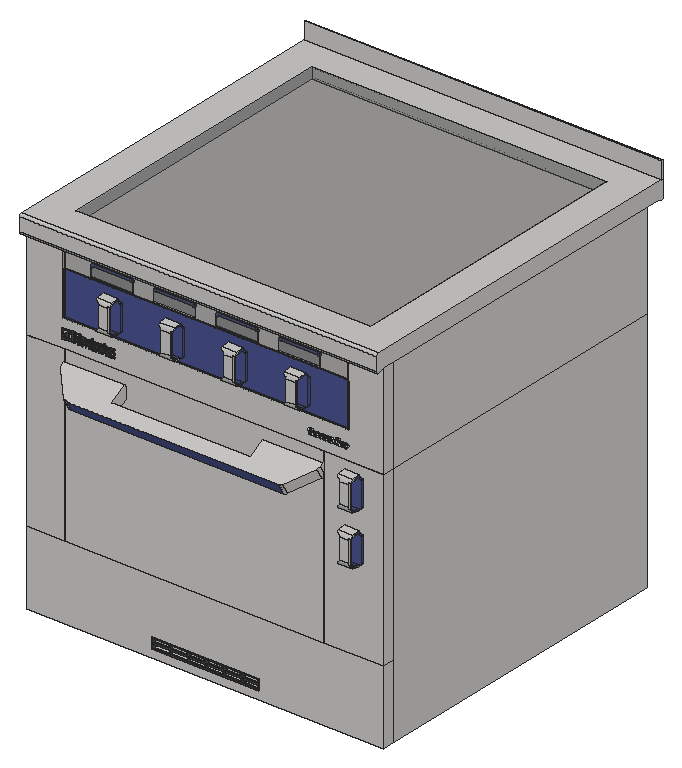
Revit family "QF_ELECTROLUXPROFESSIONAL_588431_MAIMFBH8AO", category Attrezzature speciali, Revit 2020
Family settings
  Quota connettore circolare = Usa diametro
  Tipo di parte = Normale
  Basato su piano di lavoro = No
  Sempre verticale = Sì
  Taglio con vuoti quando caricato = No
  Condiviso = No
  Punto di calcolo locali = No
Parameters (values of type "Standard")
  Weight = 121.00 kg
  Watts = 25000 W
  Volts = 400 V
  URL Manufacturer = "https://www.electroluxprofessional.com/"
  URL = "https://www.electroluxprofessional.com/"
  Steam Supply Size = 0"
  Steam Supply Minimum Pressure = 0.00 psi
  Steam Supply Maximum Pressure = 0.00 psi
  Steam Consumption per Hour = 0
  Refrigeration Suction Line Size = 0 mm
  Refrigeration Liquid Line Size = 0 mm
  Refrigerant Compressor Remote = yes
  Prospetto di default = 0 mm
  Phase = 3
  Modello = "MAIMFBH8AO"
  Produttore = "Electrolux Professional"
  Length Actual = 800 mm  # constant formula
  Item Number = "588431"
  Hot Water Size = 0"
  Height Actual = 800 mm  # constant formula
  HP = "33.5 HP"
  Gas Size = 0"
  Gas KW = 0
  Gas Input Pressure = 0.0 Btu/h
  Direct Waste Size = 0"
  Descrizione = "INDUCTION,4Z,ST.OVEN,1S,BS,800X800X800H"
  Depth Actual = 800 mm  # constant formula
  Cycle = 50 Hz
  Condensate Return Size = 0"
  Compressed Air Volume = 0 GPM
  Compressed Air Size = 0"
  Compressed Air Pressure = 0.00 psi
  Cold Water Size = 0"
  Accessory = yes
Reference planes
  plane 1 "BACK": y = 0
  plane 2: z = 0
  plane 3 "LEFT": x = 0
  plane 4 "RIGHT": x = 800
  plane 5 "FRONT": y = -800
  plane 6 "TOP": z = 900
  plane 7 "Center (Left/Right)": x = 400
  plane 8: y = -400
  plane 9: z = 100
  plane 10: y = -150
  plane 11 "Panel": y = -755
  plane 12: z = 798
  plane 13: z = 1327
  plane 14: x = 78
  plane 15: x = 722
  plane 16: y = -150
  plane 17: y = -650
  plane 18 "EIx": x = 755
  plane 19 "EIy": y = -585
  plane 20: z = 938
Forms (mm)
  Extrusion 1, solid, material "QF_Finishes_Stainless Steel"
    sketch origin (-178.969, -4572, 100) x (-1, 0, 0) y (0, -1, 0)
      loop
        line (-178.969, -4527) -> (-178.969, -3817) -> (-978.969, -3817) -> (-978.969, -4527) -> (-178.969, -4527)
    from 550 to 763
  Extrusion 2, solid, material "QF_Finishes_Stainless Steel"
    sketch origin (0, 0, 0) x (0, 1, 0) y (0, 0, 1)
      loop
        line (-755, 100) -> (-755, 265) -> (-780, 265) -> (-780, 100) -> (-755, 100)
    from 0 to 800
  Extrusion 3, solid, material "QF_Finishes_Stainless Steel"
    sketch origin (-588.969, -4562, 100) x (-1, 0, 0) y (0, -1, 0)
      loop
        circle (-1343.969, -3977) r 6.35
    from 0 to -11.851
  Extrusion 4, solid, material "QF_Finishes_Stainless Steel"
    sketch origin (400, 296.4, 1219.2) x (0, 1, 0) y (0, 0, 1)
      loop
        line (-296.4, -319.2) -> (-1091.4, -319.2)
        arc (-1091.4, -319.2) -> (-1094.935, -320.664) -> (-1096.4, -324.2) r 5
        line (-1096.4, -324.2) -> (-1096.4, -355.2)
        arc (-1096.4, -355.2) -> (-1094.971, -358.264) -> (-1091.705, -359.139) r 4
        line (-1091.705, -359.139) -> (-1076.4, -356.231) -> (-316.4, -356.231) -> (-301.094, -359.139)
        arc (-301.094, -359.139) -> (-297.829, -358.264) -> (-296.4, -355.2) r 4
        line (-296.4, -355.2) -> (-296.4, -319.2)
    from -400 to 400
  Extrusion 5, solid, material "QF_Finishes_Electrolux_Black Smoke Iluminated"
    sketch origin (0, 0, 900) x (-1, 0, 0) y (0, -1, 0)
      loop
        line (-70, 70) -> (-70, 730) -> (-730, 730) -> (-730, 70) -> (-70, 70)
    from 0 to -20
  Extrusion 6, solid, material "QF_Finishes_Stainless Steel"
    sketch origin (-178.969, -4572, 100) x (-1, 0, 0) y (0, -1, 0)
      loop
        line (-178.969, -4527) -> (-178.969, -3817) -> (-978.969, -3817) -> (-978.969, -4527) -> (-178.969, -4527)
    from 550 to 0
  Extrusion 7, void
    sketch origin (0, -755, 0) x (-1, 0, 0) y (0, 0, 1)
      loop
        line (-520, 116.594) -> (-280, 116.594) -> (-280, 141.594) -> (-520, 141.594) -> (-520, 116.594)
    from 0 to -25
  Extrusion 8, solid, material "QF_Finishes_Black"
    sketch origin (0, -755, 0) x (-1, 0, 0) y (0, 0, 1)
      loop
        line (-280, 141.594) -> (-520, 141.594) -> (-520, 116.594) -> (-280, 116.594) -> (-280, 141.594)
      loop
        line (-282, 139.594) -> (-319.131, 139.594) -> (-319.131, 130.094) -> (-282, 130.094) -> (-282, 139.594)
      loop
        line (-282, 118.594) -> (-282, 128.094) -> (-319.131, 128.094) -> (-319.131, 118.594) -> (-282, 118.594)
      loop
        line (-321.131, 139.594) -> (-359.066, 139.594) -> (-359.066, 130.094) -> (-321.131, 130.094) -> (-321.131, 139.594)
      loop
        line (-399, 139.594) -> (-399, 130.094) -> (-361.066, 130.094) -> (-361.066, 139.594) -> (-399, 139.594)
      loop
        line (-401, 139.594) -> (-438.934, 139.594) -> (-438.934, 130.094) -> (-401, 130.094) -> (-401, 139.594)
      loop
        line (-359.066, 118.594) -> (-321.131, 118.594) -> (-321.131, 128.094) -> (-359.066, 128.094) -> (-359.066, 118.594)
      loop
        line (-361.066, 118.594) -> (-361.066, 128.094) -> (-399, 128.094) -> (-399, 118.594) -> (-361.066, 118.594)
      loop
        line (-401, 128.094) -> (-438.934, 128.094) -> (-438.934, 118.594) -> (-401, 118.594) -> (-401, 128.094)
      loop
        line (-518, 139.594) -> (-518, 130.094) -> (-480.869, 130.094) -> (-480.869, 139.594) -> (-518, 139.594)
      loop
        line (-518, 118.594) -> (-480.869, 118.594) -> (-480.869, 128.094) -> (-518, 128.094) -> (-518, 118.594)
      loop
        line (-478.869, 139.594) -> (-478.869, 130.094) -> (-440.934, 130.094) -> (-440.934, 139.594) -> (-478.869, 139.594)
      loop
        line (-440.934, 118.594) -> (-440.934, 128.094) -> (-478.869, 128.094) -> (-478.869, 118.594) -> (-440.934, 118.594)
    from -25.03 to -20
  Extrusion 9, void
    sketch origin (0, 0, 900) x (-1, 0, 0) y (0, -1, 0)
      loop
        line (-70, 730) -> (-730, 730) -> (-730, 70) -> (-70, 70) -> (-70, 730)
    from 0 to -25
  Extrusion 10, solid, material "QF_Finishes_Stainless Steel"
    sketch origin (400, 296.4, 1219.2) x (0, 1, 0) y (0, 0, 1)
      loop
        line (-296.4, -281.2) -> (-298.4, -281.2) -> (-298.4, -319.2) -> (-296.4, -319.2) -> (-296.4, -281.2)
    from -400 to 400
Cuts and joins
  Extrusion 7 cuts Extrusion 6
  Extrusion 7 cuts Extrusion 2
  Extrusion 9 cuts Extrusion 4
Lines and regions (mm)
  symbolic lines
    curve 1: line (0, 0, 100) -> (800, 0, 100)
    curve 2: line (0, -800, 100) -> (0, 0, 100)
    curve 3: line (800, -800, 100) -> (0, -800, 100)
    curve 4: line (800, 0, 100) -> (800, -800, 100)
    curve 43: line (70, -70, 900) -> (70, -730, 900)
    curve 44: line (730, -70, 900) -> (70, -70, 900)
    curve 45: line (730, -730, 900) -> (730, -70, 900)
    curve 46: line (70, -730, 900) -> (730, -730, 900)
    curve 47: line (0, -2, 900) -> (800, -2, 900)
  model lines
    curve 5: line (695.34, -85, 900) -> (104.7, -85, 900)
    curve 6: line (104.7, -85, 900) -> (83.818, -105.882, 900)
    curve 7: line (695.34, -85, 900) -> (716.222, -105.882, 900)
    curve 8: line (695.34, -715.016, 900) -> (104.7, -715.016, 900)
    curve 9: line (104.7, -715.016, 900) -> (83.818, -694.133, 900)
    curve 10: line (695.34, -715.016, 900) -> (716.222, -694.133, 900)
    curve 11: line (111.855, -137.021, 900) -> (111.855, -368.354, 900)
    curve 12: line (111.855, -368.354, 900) -> (129.256, -385.756, 900)
    curve 13: line (111.855, -137.021, 900) -> (129.256, -119.619, 900)
    curve 14: line (195.528, -252.687, 900) -> (293.968, -252.687, 900)
    curve 15: line (377.642, -137.021, 900) -> (377.642, -368.354, 900)
    curve 16: line (377.642, -368.354, 900) -> (360.24, -385.756, 900)
    curve 17: line (377.642, -137.021, 900) -> (360.24, -119.619, 900)
    curve 18: line (244.748, -301.907, 900) -> (244.748, -203.467, 900)
    curve 19: line (688.186, -137.021, 900) -> (688.186, -368.354, 900)
    curve 20: line (688.186, -368.354, 900) -> (670.784, -385.756, 900)
    curve 21: line (688.186, -137.021, 900) -> (670.784, -119.619, 900)
    curve 22: line (604.512, -252.687, 900) -> (506.072, -252.687, 900)
    curve 23: line (422.398, -137.021, 900) -> (422.398, -368.354, 900)
    curve 24: line (422.398, -368.354, 900) -> (439.8, -385.756, 900)
    curve 25: line (422.398, -137.021, 900) -> (439.8, -119.619, 900)
    curve 26: line (555.292, -301.907, 900) -> (555.292, -203.467, 900)
    curve 27: line (111.855, -662.995, 900) -> (111.855, -431.661, 900)
    curve 28: line (111.855, -431.661, 900) -> (129.256, -414.259, 900)
    curve 29: line (111.855, -662.995, 900) -> (129.256, -680.397, 900)
    curve 30: line (195.528, -547.328, 900) -> (293.968, -547.328, 900)
    curve 31: line (377.642, -662.995, 900) -> (377.642, -431.661, 900)
    curve 32: line (377.642, -431.661, 900) -> (360.24, -414.259, 900)
    curve 33: line (377.642, -662.995, 900) -> (360.24, -680.397, 900)
    curve 34: line (244.748, -498.108, 900) -> (244.748, -596.548, 900)
    curve 35: line (688.186, -662.995, 900) -> (688.186, -431.661, 900)
    curve 36: line (688.186, -431.661, 900) -> (670.784, -414.259, 900)
    curve 37: line (688.186, -662.995, 900) -> (670.784, -680.397, 900)
    curve 38: line (604.512, -547.328, 900) -> (506.072, -547.328, 900)
    curve 39: line (422.398, -662.995, 900) -> (422.398, -431.661, 900)
    curve 40: line (422.398, -431.661, 900) -> (439.8, -414.259, 900)
    curve 41: line (422.398, -662.995, 900) -> (439.8, -680.397, 900)
    curve 42: line (555.292, -498.108, 900) -> (555.292, -596.548, 900)
Dimensions and locks
  plane 3 "LEFT" to plane 4 "RIGHT" = 800 mm
  plane 5 "FRONT" to plane 1 "BACK" = 800 mm
  equal spacing: plane 3 "LEFT", plane 7 "Center (Left/Right)", plane 4 "RIGHT"
  equal spacing: plane 5 "FRONT", plane 8, plane 1 "BACK"
  plane 6 "TOP" to level = 900 mm  (x2)
  plane 9 to level = 100 mm
  plane 1 "BACK" to plane 10 to plane 11 "Panel" = 150 mm, 605 mm  (x2)
  plane 6 "TOP" to plane 9 to level = 800 mm, 100 mm
  plane 1 "BACK" to plane 5 "FRONT" = 800 mm
  plane 1 "BACK" to Extrusion 3 = 585 mm
  plane 12 to plane 9 = 698 mm
  plane 13 to plane 6 "TOP" = 427 mm
  plane 6 "TOP" to plane 12 = 102 mm
  plane 14 to plane 3 "LEFT" = 78 mm
  plane 15 to plane 4 "RIGHT" = 78 mm
  locked: plane 1 "BACK" to plane 16 at 150
  locked: plane 16 to plane 17 at 500
  plane 11 "Panel" to plane 5 "FRONT" = 45 mm
  plane 18 "EIx" to plane 4 "RIGHT" = 45 mm
  plane 19 "EIy" to plane 1 "BACK" = 585 mm
  plane 20 to plane 6 "TOP" = 38 mm
  aligned and locked: level to plane 2
  aligned and locked: Extrusion 2 to plane 4 "RIGHT"
  aligned and locked: plane 3 "LEFT" to nested 1
  aligned and locked: nested 4 to plane 4 "RIGHT"
  aligned and locked: nested 4 to plane 11 "Panel"
  aligned and locked: nested 4 to cut or joined group of Extrusion 4, Extrusion 9
  aligned and locked: nested 1 to cut or joined group of Extrusion 6, Extrusion 7
  aligned and locked: Extrusion 10 to plane 3 "LEFT"
  aligned and locked: Extrusion 10 to plane 4 "RIGHT"
Automatic sketch dimensions
  Extrusion 2 sketch curve to plane 9 = 0 mm
  Extrusion 2 sketch curve to plane 11 "Panel" = 0 mm
  Extrusion 2 sketch curve to plane 5 "FRONT" = 20 mm
  plane 9 to Extrusion 2 sketch curve = 165 mm
  Extrusion 3 sketch curve to plane 18 "EIx" = 0 mm
  Extrusion 3 sketch curve to plane 19 "EIy" = 0 mm
  Extrusion 4 sketch curve to plane 5 "FRONT" = 0 mm
  Extrusion 4 sketch curve to plane 6 "TOP" = 0 mm
  Extrusion 4 sketch curve to plane 1 "BACK" = 0 mm
  Extrusion 4 sketch curve to plane 5 "FRONT" = 4 mm
  Extrusion 4 sketch curve to Extrusion 4 sketch curve = 0.695 mm
  Extrusion 4 sketch curve to plane 5 "FRONT" = 5 mm
  Extrusion 4 sketch curve to Extrusion 4 sketch curve = 15.305 mm
  plane 1 "BACK" to Extrusion 4 sketch curve = 20 mm
  plane 1 "BACK" to Extrusion 4 sketch curve = 4.695 mm
  Extrusion 4 sketch curve to Extrusion 4 sketch curve = 4 mm
  Extrusion 4 sketch curve to Extrusion 4 sketch curve = 31 mm
  Extrusion 4 sketch curve to plane 6 "TOP" = 36 mm
  Extrusion 4 sketch curve to Extrusion 4 sketch curve = 2.909 mm
  plane 10 to Extrusion 5 sketch curve = 80 mm
  plane 9 to Extrusion 7 sketch curve = 41.594 mm
  plane 7 "Center (Left/Right)" to Extrusion 7 sketch curve = 120 mm
  Extrusion 7 sketch curve to plane 7 "Center (Left/Right)" = 120 mm
  plane 9 to Extrusion 7 sketch curve = 16.594 mm
  plane 9 to Extrusion 8 sketch curve = 41.594 mm
  plane 7 "Center (Left/Right)" to Extrusion 8 sketch curve = 120 mm
  Extrusion 8 sketch curve to Extrusion 8 sketch curve = 2 mm  (x15)
  Extrusion 8 sketch curve to Extrusion 8 sketch curve = 0 mm  (x16)
  Extrusion 8 sketch curve to Extrusion 8 sketch curve = 37.131 mm  (x2)
  Extrusion 8 sketch curve to Extrusion 8 sketch curve = 37.934 mm  (x3)
  plane 7 "Center (Left/Right)" to Extrusion 8 sketch curve = 1 mm  (x2)
  Extrusion 8 sketch curve to plane 7 "Center (Left/Right)" = 1 mm  (x2)
  plane 9 to Extrusion 8 sketch curve = 18.594 mm  (x4)
  Extrusion 8 sketch curve to Extrusion 8 sketch curve = 9.5 mm  (x6)
  plane 18 "EIx" to Extrusion 9 sketch curve = 25 mm
  plane 14 to Extrusion 9 sketch curve = 8 mm
  plane 10 to Extrusion 9 sketch curve = 80 mm
  plane 11 "Panel" to Extrusion 9 sketch curve = 25 mm
  Extrusion 1 sketch curve to plane 4 "RIGHT" = 0 mm
  Extrusion 1 sketch curve to plane 3 "LEFT" = 0 mm
  Extrusion 1 sketch curve to plane 11 "Panel" = 0 mm
  plane 1 "BACK" to Extrusion 1 sketch curve = 45 mm
  plane 1 "BACK" to curve 1 = 0 mm
  curve 1 to plane 4 "RIGHT" = 0 mm
  curve 2 to plane 3 "LEFT" = 0 mm
  plane 5 "FRONT" to curve 3 = 0 mm
  Extrusion 6 sketch curve to plane 4 "RIGHT" = 0 mm
  Extrusion 6 sketch curve to plane 3 "LEFT" = 0 mm
  Extrusion 6 sketch curve to plane 11 "Panel" = 0 mm
  plane 1 "BACK" to Extrusion 6 sketch curve = 45 mm
  Extrusion 5 sketch curve to plane 15 = 8 mm
  plane 14 to Extrusion 5 sketch curve = 8 mm
  plane 17 to Extrusion 5 sketch curve = 80 mm
  plane 15 to curve 8 = 26.66 mm
  plane 15 to curve 7 = 26.66 mm
  plane 17 to curve 37 = 12.995 mm
  plane 15 to curve 37 = 33.814 mm
  plane 15 to curve 19 = 33.814 mm
  plane 7 "Center (Left/Right)" to curve 23 = 22.398 mm
  plane 7 "Center (Left/Right)" to curve 39 = 22.398 mm
  curve 15 to plane 7 "Center (Left/Right)" = 22.358 mm
  curve 33 to plane 7 "Center (Left/Right)" = 22.358 mm
  curve 27 to plane 14 = 33.855 mm
  curve 11 to plane 14 = 33.855 mm
  curve 8 to plane 14 = 26.7 mm
  curve 5 to plane 14 = 26.7 mm
  plane 17 to curve 33 = 12.995 mm
  plane 17 to curve 29 = 12.995 mm
  curve 36 to plane 8 = 31.661 mm
  curve 32 to plane 8 = 31.661 mm
  curve 39 to plane 8 = 31.661 mm
  curve 28 to plane 8 = 31.661 mm
  plane 8 to curve 11 = 31.646 mm
  plane 8 to curve 15 = 31.646 mm
  plane 8 to curve 24 = 31.646 mm
  plane 8 to curve 20 = 31.646 mm
  plane 10 to curve 15 = 12.979 mm
  plane 10 to curve 13 = 12.979 mm
  plane 10 to curve 23 = 12.979 mm
  plane 10 to curve 19 = 12.979 mm
  curve 5 to curve 19 = 52.021 mm
  plane 17 to curve 39 = 12.995 mm
  plane 11 "Panel" to curve 10 = 39.984 mm
  plane 15 to curve 10 = 5.778 mm
  plane 15 to curve 7 = 5.778 mm
  plane 8 to curve 20 = 14.244 mm
  curve 19 to curve 20 = 17.402 mm
  curve 35 to curve 37 = 17.402 mm  (x2)
  curve 19 to curve 21 = 17.402 mm
  curve 36 to plane 8 = 14.259 mm
  curve 36 to curve 36 = 17.402 mm
  plane 19 "EIy" to curve 38 = 37.672 mm
  plane 15 to curve 38 = 117.488 mm
  plane 15 to curve 22 = 117.488 mm
  curve 22 to curve 26 = 49.22 mm  (x2)
  curve 38 to curve 42 = 49.22 mm
  curve 42 to curve 38 = 49.22 mm  (x2)
  curve 26 to curve 22 = 49.22 mm
  curve 41 to curve 39 = 17.402 mm
  curve 40 to plane 8 = 14.259 mm
  curve 40 to curve 39 = 17.402 mm
  plane 8 to curve 24 = 14.244 mm
  curve 24 to curve 23 = 17.402 mm
  curve 25 to curve 23 = 17.402 mm  (x2)
  curve 31 to curve 33 = 17.402 mm  (x2)
  curve 17 to curve 17 = 17.402 mm  (x2)
  plane 8 to curve 16 = 14.244 mm
  curve 15 to curve 16 = 17.402 mm
  curve 32 to plane 8 = 14.259 mm
  curve 31 to curve 32 = 17.402 mm
  curve 14 to plane 7 "Center (Left/Right)" = 106.032 mm
  plane 19 "EIy" to curve 30 = 37.672 mm
  curve 30 to plane 7 "Center (Left/Right)" = 106.032 mm
  curve 34 to plane 19 "EIy" = 11.548 mm
  curve 30 to curve 34 = 49.22 mm
  curve 14 to curve 18 = 49.22 mm  (x2)
  curve 34 to curve 30 = 49.22 mm  (x2)
  curve 18 to curve 14 = 49.22 mm
  plane 8 to curve 12 = 14.244 mm
  curve 12 to curve 12 = 17.402 mm
  curve 28 to plane 8 = 14.259 mm
  curve 28 to curve 27 = 17.402 mm
  curve 29 to curve 27 = 17.402 mm
  curve 13 to curve 13 = 17.402 mm  (x2)
  curve 9 to plane 14 = 5.818 mm
  curve 6 to plane 14 = 5.818 mm
  curve 42 to plane 19 "EIy" = 11.548 mm
  plane 8 to curve 26 = 98.093 mm
  plane 8 to curve 18 = 98.093 mm
  curve 18 to plane 10 = 53.467 mm
  curve 26 to plane 10 = 53.467 mm
  curve 21 to curve 19 = 17.402 mm
  curve 6 to curve 6 = 20.882 mm
  curve 5 to curve 7 = 20.882 mm
  curve 39 to curve 41 = 17.402 mm
  curve 27 to curve 29 = 17.402 mm
  curve 10 to curve 8 = 20.882 mm
  curve 9 to curve 9 = 20.882 mm
  plane 14 to curve 44 = 8 mm
  plane 1 "BACK" to curve 44 = 70 mm
  curve 44 to plane 15 = 8 mm
  plane 11 "Panel" to curve 43 = 25 mm
  Extrusion 10 sketch curve to plane 20 = 0 mm
  Extrusion 10 sketch curve to plane 6 "TOP" = 0 mm
  Extrusion 10 sketch curve to plane 1 "BACK" = 0 mm
  Extrusion 10 sketch curve to Extrusion 10 sketch curve = 2 mm
  radius of Extrusion 3 sketch curve = 6.35 mm
Nested families
  nested 1: "Door_Panel_W800_A" at (300, -755, 0), type "Door_Panel_W800_A"
  nested 2: "FIT Range Control Handle" at (730, -783.167, -372.751), type "FIT Range Control Handle"
  nested 3: "FIT Range Control Handle" at (730, -783.167, -484.751), type "FIT Range Control Handle"
  nested 4: "Front_Panel_W800_4 Knobs" at (202.376, -755, -0.031), type "Front_Panel_W800_4 Knobs"
Connectors
  electrical at (755, -585, 88.149)
    settings: on Extrusion 3, index 1, voltage 400 V, apparent load 33000 VA, apparent load phase1 0 VA, apparent load phase2 0 VA, apparent load phase3 0 VA, power factor 1, load classification "Other", number of poles 1, system type 30, power factor state 1, is connector primary yes, connector utility no, sub classification motor no, connector description "ELECTRICAL CONNECTION"
Definition of nested family "Door_Panel_W800_A"
  Parameters
    Default Elevation = 0 mm
  Reference planes
    plane 1 "Center (Front/Back)": y = 0
    plane 2 "Ref. Level": z = 0
    plane 3: x = 500
    plane 4: x = -300
    plane 5 "Center (Left/Right)": x = 100
    plane 6: x = -215
    plane 7: x = 365
    plane 8 "Manopola": through (-6096, -50.059, 612.389) normal (0, -0.515, 0.8572)
    plane 9 "Top": z = 650
    plane 10: z = 265
    plane 11: z = 200
  Forms (mm)
    Extrusion 1, solid
      sketch origin (100, 0, 0) x (0, 1, 0) y (0, 0, 1)
        loop
          line (-25.03, 650) -> (-25.03, 265) -> (0, 265) -> (0, 650) -> (-25.03, 650)
      from 265 to 400
    Extrusion 2, solid
      sketch origin (100, 0, 0) x (0, 1, 0) y (0, 0, 1)
        loop
          line (-25.03, 650) -> (-25.03, 265) -> (0, 265) -> (0, 650) -> (-25.03, 650)
      from -400 to -315
    Extrusion 3, solid
      sketch origin (100, 0, 0) x (0, 1, 0) y (0, 0, 1)
        loop
          line (-25.03, 650) -> (-25.03, 265) -> (0, 265) -> (0, 650) -> (-25.03, 650)
      from -315 to 265
    Extrusion 4, solid
      sketch origin (0, -283.633, 472.044) x (0, 0.857167, 0.515038) y (-1, 0, 0)
        loop
          line (299.12, -365) -> (299.12, 215) -> (290.982, 215)
          arc (290.982, 215) -> (286.677, 214.026) -> (283.211, 211.293) r 10
          line (283.211, 211.293) -> (233.28, 170.86)
          arc (233.28, 170.86) -> (230.548, 167.394) -> (229.574, 163.089) r 10
          line (229.574, 163.089) -> (229.574, -313.089)
          arc (229.574, -313.089) -> (230.548, -317.394) -> (233.28, -320.86) r 10
          line (233.28, -320.86) -> (283.211, -361.293)
          arc (283.211, -361.293) -> (286.677, -364.026) -> (290.982, -365) r 10
          line (290.982, -365) -> (299.12, -365)
      from -27 to 0
    Extrusion 5, void
      sketch origin (100, 0, 0) x (0, 1, 0) y (0, 0, 1)
        loop
          line (-61.514, 605.507) -> (-47.608, 582.363) -> (-25.03, 595.93) -> (-25.03, 627.429) -> (-61.514, 605.507)
      from -180 to 130
    Extrusion 6, solid, detail levels coarse
      sketch origin (100, 0, 0) x (0, 1, 0) y (0, 0, 1)
        loop
          line (-25.03, 265) -> (-25.03, 650)
          arc (-25.03, 650) -> (-297.266, 537.236) -> (-410.03, 265) r 385
          line (-410.03, 265) -> (-25.03, 265)
      from -315 to 265
  Cuts and joins
    Extrusion 5 cuts Extrusion 4
    joined: Extrusion 3, Extrusion 4
  Lines and regions (mm)
    symbolic lines
      curve 1: line (-207.355, -45.043, 0) -> (-170.86, -83.673, 0)
      curve 2: line (-163.089, -86.85, 0) -> (313.089, -86.85, 0)
      curve 3: line (320.86, -83.673, 0) -> (357.355, -45.043, 0)
      curve 4: arc (-163.089, -86.85, 0) -> (-167.318, -86.101, 0) -> (-170.86, -83.673, 0) r 10.165
      curve 5: arc (313.089, -86.85, 0) -> (317.318, -86.101, 0) -> (320.86, -83.673, 0) r 10.165
      curve 6: line (-215, -45.043, 0) -> (-215, -410.03, 0)
      curve 7: line (-215, -410.03, 0) -> (365, -410.03, 0)
      curve 8: line (365, -410.03, 0) -> (365, -45.03, 0)
  Dimensions and locks
    plane 3 to plane 4 = 800 mm
    plane 4 to plane 3 = 800 mm
    equal spacing: plane 3, plane 5 "Center (Left/Right)", plane 4
    plane 6 to plane 4 = 85 mm
    plane 3 to plane 7 = 135 mm
    plane 11 to level = 200 mm
    plane 10 to plane 11 = 65 mm
    plane 10 to plane 9 "Top" = 385 mm
    plane 9 "Top" to plane 11 = 450 mm
    aligned and locked: plane 3 to Extrusion 1
    aligned and locked: cut or joined group of Extrusion 3, Extrusion 4, Extrusion 5 to plane 6
    aligned and locked: cut or joined group of Extrusion 3, Extrusion 4, Extrusion 5 to plane 7
    aligned and locked: plane 7 to Extrusion 1
    aligned and locked: plane 6 to Extrusion 2
    aligned and locked: Extrusion 2 to plane 4
    aligned and locked: plane 10 to Extrusion 2
    aligned and locked: plane 10 to cut or joined group of Extrusion 3, Extrusion 4, Extrusion 5
    aligned and locked: plane 10 to Extrusion 1
    aligned and locked: Extrusion 6 to plane 6
    aligned and locked: Extrusion 6 to plane 7
  Automatic sketch dimensions
    Extrusion 5 sketch curve to plane 8 "Manopola" = 0 mm  (x2)
    plane 1 "Center (Front/Back)" to Extrusion 5 sketch curve = 61.514 mm
    Extrusion 5 sketch curve to Extrusion 5 sketch curve = 13.906 mm
    plane 1 "Center (Front/Back)" to Extrusion 5 sketch curve = 25.03 mm
    Extrusion 4 sketch curve to plane 7 = 0 mm
    Extrusion 4 sketch curve to plane 6 = 0 mm
    plane 6 to Extrusion 4 sketch curve = 51.911 mm
    plane 7 to Extrusion 4 sketch curve = 44.14 mm
    Extrusion 4 sketch curve to Extrusion 4 sketch curve = 3.707 mm  (x2)
    plane 6 to Extrusion 4 sketch curve = 44.14 mm
    plane 7 to Extrusion 4 sketch curve = 3.707 mm
    Extrusion 4 sketch curve to Extrusion 4 sketch curve = 49.93 mm  (x2)
    plane 6 to Extrusion 4 sketch curve = 3.707 mm
    Extrusion 4 sketch curve to Extrusion 4 sketch curve = 7.771 mm  (x3)
    Extrusion 4 sketch curve to Extrusion 4 sketch curve = 8.138 mm
    Extrusion 2 sketch curve to plane 1 "Center (Front/Back)" = 0 mm
    Extrusion 3 sketch curve to plane 1 "Center (Front/Back)" = 0 mm
    Extrusion 1 sketch curve to plane 1 "Center (Front/Back)" = 0 mm
    Extrusion 2 sketch curve to plane 9 "Top" = 0 mm
    Extrusion 2 sketch curve to Extrusion 2 sketch curve = 25.03 mm
    Extrusion 3 sketch curve to plane 9 "Top" = 0 mm
    Extrusion 3 sketch curve to Extrusion 3 sketch curve = 25.03 mm
    Extrusion 1 sketch curve to plane 9 "Top" = 0 mm
    plane 1 "Center (Front/Back)" to Extrusion 1 sketch curve = 25.03 mm
    level to Extrusion 1 sketch curve = 265 mm
    level to Extrusion 2 sketch curve = 265 mm
    level to Extrusion 3 sketch curve = 265 mm
    plane 10 to Extrusion 6 sketch curve = 0 mm
    Extrusion 6 sketch curve to plane 9 "Top" = 0 mm
    plane 1 "Center (Front/Back)" to Extrusion 6 sketch curve = 25.03 mm
    curve 7 to plane 7 = 0 mm
    plane 6 to curve 1 = 44.14 mm
    curve 4 to curve 4 = 7.389 mm
    curve 4 to curve 2 = 7.771 mm
    plane 7 to curve 2 = 51.911 mm
    curve 2 to curve 5 = 0.382 mm
    curve 2 to curve 3 = 7.771 mm
    plane 1 "Center (Front/Back)" to curve 6 = 410.03 mm
    plane 1 "Center (Front/Back)" to curve 2 = 86.85 mm
    curve 2 to curve 3 = 3.177 mm
    curve 2 to curve 1 = 3.177 mm
    plane 7 to curve 3 = 7.645 mm
    plane 1 "Center (Front/Back)" to curve 3 = 45.043 mm
    curve 3 to curve 8 = 0.013 mm
    curve 7 to plane 6 = 0 mm
    curve 6 to curve 1 = 7.645 mm
    plane 1 "Center (Front/Back)" to curve 1 = 45.043 mm
    curve 6 to curve 1 = 0 mm
Definition of nested family "FIT Range Control Handle"
  Parameters
    Default Elevation = 0 mm
  Reference planes
    plane 1 "Center (Front/Back)": y = 0
    plane 2: z = 0
    plane 3 "Center (Left/Right)": x = 0
    plane 4: z = 971.092
    plane 5: y = -16.8
  Forms (mm)
    Extrusion 1, solid
      sketch origin (-746.28, 380.497, 208.931) x (-1, 0, 0) y (0, 0, 1)
        loop
          line (-770.101, 786.798) -> (-770.101, 731.649)
          arc (-770.101, 731.649) -> (-769.759, 730.563) -> (-768.855, 729.87) r 1.893
          line (-768.855, 729.87) -> (-763.474, 727.911) -> (-729.81, 727.911) -> (-724.428, 729.87)
          arc (-724.428, 729.87) -> (-723.525, 730.563) -> (-723.183, 731.649) r 1.893
          line (-723.183, 731.649) -> (-723.183, 786.798)
          arc (-723.183, 786.798) -> (-723.529, 787.894) -> (-724.44, 788.593) r 1.91
          line (-724.44, 788.593) -> (-729.683, 790.819) -> (-763.601, 790.819) -> (-768.844, 788.593)
          arc (-768.844, 788.593) -> (-769.755, 787.894) -> (-770.101, 786.798) r 1.91
      from -382.35 to -378.852
    Sweep 2, solid
      path origin (-746.788, 380.496, 208.091) x (0, -1, 0) y (0, 0, 1)
        loop
          line (379.775, 793.281) -> (395.661, 791.048)
          arc (395.661, 791.048) -> (397.781, 787.377) -> (398.517, 783.202) r 12.207
          line (398.517, 783.202) -> (398.517, 737.368)
          arc (398.517, 737.368) -> (397.781, 733.193) -> (395.661, 729.522) r 12.207
          line (395.661, 729.522) -> (379.775, 727.289)
      profile origin (-746.788, -7.222, 1000.256) x (0, -0.139173, 0.990268) y (-1, 0, 0)
        loop
          line (0.782, -763.123) -> (0.782, -730.907) -> (-1.322, -730.907) -> (-1.322, -763.123) -> (0.782, -763.123)
    Sweep 3, solid
      path origin (-746.788, 380.715, 207.832) x (0, -1, 0) y (0, 0, 1)
        loop
          line (380.478, 795.442) -> (397.218, 793.09)
          arc (397.218, 793.09) -> (399.929, 788.473) -> (400.871, 783.202) r 15.207
          line (400.871, 783.202) -> (400.871, 737.584)
          arc (400.871, 737.584) -> (399.914, 732.274) -> (397.164, 727.633) r 15.207
          line (397.164, 727.633) -> (380.601, 725.305)
      profile origin (-746.788, -8.132, 1002.099) x (0, -0.139173, 0.990268) y (-1, 0, 0)
        loop
          line (0.782, -763.123) -> (0.782, -730.907) -> (-1.322, -730.907) -> (-1.322, -763.123) -> (0.782, -763.123)
    Extrusion 4, void
      sketch origin (889.253, 220.666, 207.993) x (1, 0, 0) y (0, 0, 1)
        loop
          line (-943.038, 816.854) -> (-943.038, 703.686) -> (-899.466, 734.196) -> (-899.466, 786.344) -> (-943.038, 816.854)
      from 230.636 to 242.25
    Extrusion 5, void
      sketch origin (-888.8, 220.666, 207.993) x (-1, 0, 0) y (0, 0, -1)
        loop
          line (-943.038, -816.854) -> (-899.466, -786.344) -> (-899.466, -734.196) -> (-943.038, -703.686) -> (-943.038, -816.854)
      from 230.636 to 242.25
    Extrusion 6, solid
      sketch origin (0, 0, 0) x (1, 0, 0) y (0, 0, 1)
        loop
          circle (0, 971.092) r 7.736
      from -3.137 to -1.645
  Cuts and joins
    Extrusion 4, Extrusion 5 cuts Sweep 3
    Extrusion 4, Extrusion 5 cuts Sweep 2
    joined: Extrusion 1, Extrusion 6
  Lines and regions (mm)
    symbolic lines
      curve 1: line (-15.881, -19.189, 0) -> (-15.881, -16.8, 0)
      curve 2: line (16.334, -19.189, 0) -> (16.334, -16.8, 0)
      curve 3: spline (-15.881, -19.189, 0) -> (-15.417, -19.349, 0) -> (-14.951, -19.501, 0) -> (-14.483, -19.646, 0) -> (-14.014, -19.783, 0) -> (-13.543, -19.912, 0) -> (-13.071, -20.033, 0) -> (-12.597, -20.146, 0) -> (-12.122, -20.251, 0) -> (-11.646, -20.349, 0) -> (-11.169, -20.438, 0) -> (-10.691, -20.52, 0) -> (-10.213, -20.593, 0)
      curve 4: spline (10.666, -20.593, 0) -> (11.144, -20.52, 0) -> (11.622, -20.438, 0) -> (12.099, -20.349, 0) -> (12.575, -20.251, 0) -> (13.05, -20.146, 0) -> (13.524, -20.033, 0) -> (13.996, -19.912, 0) -> (14.467, -19.783, 0) -> (14.936, -19.646, 0) -> (15.404, -19.501, 0) -> (15.87, -19.349, 0) -> (16.334, -19.189, 0)
      curve 5: line (-10.213, -20.938, 0) -> (10.716, -20.938, 0)
  Dimensions and locks
    cut or joined group of Sweep 3, Extrusion 4, Extrusion 5 to cut or joined group of Sweep 3, Extrusion 4, Extrusion 5 = 71.686 mm
Definition of nested family "Front_Panel_W800_4 Knobs"
  Parameters
    Default Elevation = 0 mm
  Reference planes
    plane 1 "Center (Front/Back)": y = 0
    plane 2: z = 0
    plane 3 "Center (Left/Right)": x = 197.624
    plane 4 "Left": x = -202.376
    plane 5 "Right": x = 597.624
    plane 6: y = -45
    plane 7: x = -12.376
    plane 8: x = 127.624
    plane 9: y = -310
    plane 10: y = -25
    plane 11: x = 517.624
    plane 12: x = -122.376
  Forms (mm)
    Extrusion 1, solid
      sketch origin (833.217, 829.203, -1.25) x (0, 1, 0) y (0, 0, 1)
        loop
          line (-854.203, 651.25) -> (-829.203, 651.25) -> (-829.203, 864.25) -> (-854.203, 864.25) -> (-854.203, 651.25)
      from -1035.593 to -235.593
    Extrusion 2, void
      sketch origin (0, 0, 0) x (1, 0, 0) y (0, 0, 1)
        loop
          line (-122.376, 853.866) -> (-122.376, 711.866) -> (517.624, 711.866) -> (517.624, 853.866) -> (-122.376, 853.866)
      from 19.387 to 33.951
  Cuts and joins
    Extrusion 2 cuts Extrusion 1
  Dimensions and locks
    equal spacing: plane 5 "Right", plane 3 "Center (Left/Right)", plane 4 "Left"
    plane 5 "Right" to plane 4 "Left" = 800 mm
    plane 3 "Center (Left/Right)" to plane 7 = 210 mm
    plane 3 "Center (Left/Right)" to plane 8 = 70 mm
    plane 6 to plane 9 = 265 mm
    aligned and locked: cut or joined group of Extrusion 1, Extrusion 2 to plane 4 "Left"
    aligned and locked: plane 5 "Right" to cut or joined group of Extrusion 1, Extrusion 2
    aligned and locked: plane 3 "Center (Left/Right)" to nested 2
    aligned and locked: cut or joined group of Extrusion 1, Extrusion 2 to nested 2
  Automatic sketch dimensions
    Extrusion 1 sketch curve to plane 1 "Center (Front/Back)" = 0 mm
    level to Extrusion 1 sketch curve = 650 mm
    plane 4 "Left" to Extrusion 2 sketch curve = 80 mm
    Extrusion 2 sketch curve to plane 5 "Right" = 80 mm
    level to Extrusion 2 sketch curve = 711.866 mm
    Extrusion 2 sketch curve to Extrusion 2 sketch curve = 142 mm
    Extrusion 1 sketch curve to plane 6 = 20 mm
    Extrusion 1 sketch curve to Extrusion 1 sketch curve = 213 mm
  Nested families
    nested 1: "Range Control Handle" at (-12.376, -28.137, -209.113) x (-1, 0, 0) z (0, 0, 1), type "Range Control Handle"
    nested 2: "Front glass control panel W800" at (197.624, 280.644, 2.752), type "Front glass control panel W800"
    nested 3: "Range Control Handle" at (127.624, -28.137, -209.113) x (-1, 0, 0) z (0, 0, 1), type "Range Control Handle"
    nested 4: "Range Control Handle" at (407.624, -28.137, -209.113), type "Range Control Handle"
    nested 5: "Range Control Handle" at (267.624, -28.137, -209.113), type "Range Control Handle"
    nested 6: "ELX_ThermaLine_Small" at (468.838, -25, 679.426) x (1, 0, 0) z (0, -1, 0), type "ELX_ThermaLine_Small"
      with Show Logo yes, Material_Logo none
    nested 7: "ELX_Professional_Logo_Small" at (-62.89, -25, 681.659) x (1, 0, 0) z (0, -1, 0), type "ELX_Professional_Logo_Small"
      with Show Logo yes, Material_Logo none
  Definition of nested family "Range Control Handle"
    Parameters
      Default Elevation = 0 mm
    Reference planes
      plane 1 "Center (Front/Back)": y = 0
      plane 2: z = 0
      plane 3 "Center (Left/Right)": x = 0
      plane 4: z = 971.092
      plane 5: y = -16.9
    Forms (mm)
      Extrusion 1, solid
        sketch origin (-746.28, 380.497, 208.931) x (-1, 0, 0) y (0, 0, 1)
          loop
            line (-770.101, 786.798) -> (-770.101, 731.649)
            arc (-770.101, 731.649) -> (-769.759, 730.563) -> (-768.855, 729.87) r 1.893
            line (-768.855, 729.87) -> (-763.474, 727.911) -> (-729.81, 727.911) -> (-724.428, 729.87)
            arc (-724.428, 729.87) -> (-723.525, 730.563) -> (-723.183, 731.649) r 1.893
            line (-723.183, 731.649) -> (-723.183, 786.798)
            arc (-723.183, 786.798) -> (-723.529, 787.894) -> (-724.44, 788.593) r 1.91
            line (-724.44, 788.593) -> (-729.683, 790.819) -> (-763.601, 790.819) -> (-768.844, 788.593)
            arc (-768.844, 788.593) -> (-769.755, 787.894) -> (-770.101, 786.798) r 1.91
        from -382.35 to -378.852
      Sweep 2, solid
        path origin (-746.788, 380.496, 208.091) x (0, -1, 0) y (0, 0, 1)
          loop
            line (379.775, 793.281) -> (395.661, 791.048)
            arc (395.661, 791.048) -> (397.781, 787.377) -> (398.517, 783.202) r 12.207
            line (398.517, 783.202) -> (398.517, 737.368)
            arc (398.517, 737.368) -> (397.781, 733.193) -> (395.661, 729.522) r 12.207
            line (395.661, 729.522) -> (379.775, 727.289)
        profile origin (-746.788, -7.222, 1000.256) x (0, -0.139173, 0.990268) y (-1, 0, 0)
          loop
            line (0.782, -763.123) -> (0.782, -730.907) -> (-1.322, -730.907) -> (-1.322, -763.123) -> (0.782, -763.123)
      Sweep 3, solid
        path origin (-746.788, 380.715, 207.832) x (0, -1, 0) y (0, 0, 1)
          loop
            line (380.478, 795.442) -> (397.218, 793.09)
            arc (397.218, 793.09) -> (399.929, 788.473) -> (400.871, 783.202) r 15.207
            line (400.871, 783.202) -> (400.871, 737.584)
            arc (400.871, 737.584) -> (399.914, 732.274) -> (397.164, 727.633) r 15.207
            line (397.164, 727.633) -> (380.601, 725.305)
        profile origin (-746.788, -8.132, 1002.099) x (0, -0.139173, 0.990268) y (-1, 0, 0)
          loop
            line (0.782, -763.123) -> (0.782, -730.907) -> (-1.322, -730.907) -> (-1.322, -763.123) -> (0.782, -763.123)
      Extrusion 4, void
        sketch origin (889.253, 220.666, 207.993) x (1, 0, 0) y (0, 0, 1)
          loop
            line (-943.038, 816.854) -> (-943.038, 703.686) -> (-899.466, 734.196) -> (-899.466, 786.344) -> (-943.038, 816.854)
        from 230.636 to 242.25
      Extrusion 5, void
        sketch origin (-888.8, 220.666, 207.993) x (-1, 0, 0) y (0, 0, -1)
          loop
            line (-943.038, -816.854) -> (-899.466, -786.344) -> (-899.466, -734.196) -> (-943.038, -703.686) -> (-943.038, -816.854)
        from 230.636 to 242.25
      Extrusion 6, solid
        sketch origin (0, 0, 0) x (1, 0, 0) y (0, 0, 1)
          loop
            circle (0, 971.092) r 7.736
        from -3.137 to -1.645
    Cuts and joins
      Extrusion 4, Extrusion 5 cuts Sweep 3
      Extrusion 4, Extrusion 5 cuts Sweep 2
      joined: Extrusion 1, Extrusion 6
    Lines and regions (mm)
      symbolic lines
        curve 1: line (16.334, -16.9, 0) -> (16.334, -19.227, 0)
        curve 2: spline (16.334, -19.227, 0) -> (15.87, -19.385, 0) -> (15.404, -19.536, 0) -> (14.936, -19.678, 0) -> (14.466, -19.813, 0) -> (13.995, -19.94, 0) -> (13.523, -20.059, 0) -> (13.049, -20.171, 0) -> (12.575, -20.274, 0) -> (12.099, -20.37, 0) -> (11.622, -20.458, 0) -> (11.144, -20.537, 0) -> (10.666, -20.609, 0)
        curve 3: line (10.666, -16.9, 0) -> (10.666, -20.938, 0)
        curve 4: line (-10.213, -20.938, 0) -> (10.666, -20.938, 0)
        curve 5: line (-10.213, -20.938, 0) -> (-10.213, -16.9, 0)
        curve 6: spline (-10.213, -20.609, 0) -> (-10.691, -20.537, 0) -> (-11.169, -20.458, 0) -> (-11.646, -20.37, 0) -> (-12.122, -20.274, 0) -> (-12.597, -20.171, 0) -> (-13.07, -20.059, 0) -> (-13.542, -19.94, 0) -> (-14.013, -19.813, 0) -> (-14.483, -19.678, 0) -> (-14.951, -19.536, 0) -> (-15.417, -19.385, 0) -> (-15.881, -19.227, 0)
        curve 7: line (-15.881, -19.227, 0) -> (-15.881, -16.9, 0)
  Definition of nested family "Front glass control panel W800"
    Parameters
      Default Elevation = 0 mm
    Reference planes
      plane 1 "Center (Front/Back)": y = 0
      plane 2: z = 0
      plane 3 "Center (Left/Right)": x = 0
    Forms (mm)
      Extrusion 1, solid
        sketch origin (378.286, 0, 0.617) x (1, 0, 0) y (0, 0, 1)
          loop
            line (-698.286, 806.791) -> (-698.286, 708.497) -> (-58.286, 708.497) -> (-58.286, 806.791) -> (-698.286, 806.791)
        from 300.031 to 304.8
      Extrusion 2, solid
        sketch origin (378.286, 0, 0.617) x (1, 0, 0) y (0, 0, 1)
          loop
            line (-698.286, 850.497) -> (-698.286, 806.791) -> (-58.286, 806.791) -> (-58.286, 850.497) -> (-698.286, 850.497)
        from 300.031 to 304.8
      Extrusion 3, void
        sketch origin (378.286, 0, 0.617) x (1, 0, 0) y (0, 0, 1)
          loop
            line (-695.628, 847.565) -> (-695.628, 710.699) -> (-61.196, 710.699) -> (-61.196, 847.565) -> (-695.628, 847.565)
        from 303.697 to 304.8
      Extrusion 4, solid
        sketch origin (-378.333, 1.101, -0.633) x (-1, 0, 0) y (0, 0, -1)
          loop
            line (-261.431, -812.62) -> (-355.186, -812.62) -> (-355.186, -834.177) -> (-350.269, -834.177) -> (-348.469, -835.977) -> (-268.039, -835.977) -> (-266.24, -834.177) -> (-261.431, -834.177) -> (-261.431, -812.62)
        from 304.798 to 306.745
      Extrusion 5, solid
        sketch origin (-378.333, 1.101, -0.633) x (-1, 0, 0) y (0, 0, -1)
          loop
            line (-350.269, -834.177) -> (-355.078, -834.177)
            arc (-355.078, -834.177) -> (-353.942, -838.747) -> (-349.686, -840.763) r 5.5
            line (-349.686, -840.763) -> (-266.98, -840.763)
            arc (-266.98, -840.763) -> (-262.706, -838.752) -> (-261.529, -834.177) r 5.549
            line (-261.529, -834.177) -> (-266.24, -834.177) -> (-268.039, -835.977) -> (-348.469, -835.977) -> (-350.269, -834.177)
        from 304.798 to 306.745
      Extrusion 6, solid
        sketch origin (-518.333, 1.101, -0.633) x (-1, 0, 0) y (0, 0, -1)
          loop
            line (-261.431, -812.62) -> (-355.186, -812.62) -> (-355.186, -834.177) -> (-350.269, -834.177) -> (-348.469, -835.977) -> (-268.039, -835.977) -> (-266.24, -834.177) -> (-261.431, -834.177) -> (-261.431, -812.62)
        from 304.798 to 306.745
      Extrusion 7, solid
        sketch origin (-518.333, 1.101, -0.633) x (-1, 0, 0) y (0, 0, -1)
          loop
            line (-350.269, -834.177) -> (-355.078, -834.177)
            arc (-355.078, -834.177) -> (-353.942, -838.747) -> (-349.686, -840.763) r 5.5
            line (-349.686, -840.763) -> (-266.98, -840.763)
            arc (-266.98, -840.763) -> (-262.706, -838.752) -> (-261.529, -834.177) r 5.549
            line (-261.529, -834.177) -> (-266.24, -834.177) -> (-268.039, -835.977) -> (-348.469, -835.977) -> (-350.269, -834.177)
        from 304.798 to 306.745
      Extrusion 8, solid
        sketch origin (378.333, 1.101, -0.633) x (1, 0, 0) y (0, 0, 1)
          loop
            line (-261.431, 812.62) -> (-261.431, 834.177) -> (-266.24, 834.177) -> (-268.039, 835.977) -> (-348.469, 835.977) -> (-350.269, 834.177) -> (-355.186, 834.177) -> (-355.186, 812.62) -> (-261.431, 812.62)
        from 304.798 to 306.745
      Extrusion 9, solid
        sketch origin (378.333, 1.101, -0.633) x (1, 0, 0) y (0, 0, 1)
          loop
            line (-350.269, 834.177) -> (-348.469, 835.977) -> (-268.039, 835.977) -> (-266.24, 834.177) -> (-261.529, 834.177)
            arc (-261.529, 834.177) -> (-262.706, 838.752) -> (-266.98, 840.763) r 5.549
            line (-266.98, 840.763) -> (-349.686, 840.763)
            arc (-349.686, 840.763) -> (-353.942, 838.747) -> (-355.078, 834.177) r 5.5
            line (-355.078, 834.177) -> (-350.269, 834.177)
        from 304.798 to 306.745
      Extrusion 10, solid
        sketch origin (518.333, 1.101, -0.633) x (1, 0, 0) y (0, 0, 1)
          loop
            line (-261.431, 812.62) -> (-261.431, 834.177) -> (-266.24, 834.177) -> (-268.039, 835.977) -> (-348.469, 835.977) -> (-350.269, 834.177) -> (-355.186, 834.177) -> (-355.186, 812.62) -> (-261.431, 812.62)
        from 304.798 to 306.745
      Extrusion 11, solid
        sketch origin (518.333, 1.101, -0.633) x (1, 0, 0) y (0, 0, 1)
          loop
            line (-350.269, 834.177) -> (-348.469, 835.977) -> (-268.039, 835.977) -> (-266.24, 834.177) -> (-261.529, 834.177)
            arc (-261.529, 834.177) -> (-262.706, 838.752) -> (-266.98, 840.763) r 5.549
            line (-266.98, 840.763) -> (-349.686, 840.763)
            arc (-349.686, 840.763) -> (-353.942, 838.747) -> (-355.078, 834.177) r 5.5
            line (-355.078, 834.177) -> (-350.269, 834.177)
        from 304.798 to 306.745
    Cuts and joins
      Extrusion 3 cuts Extrusion 1
      Extrusion 3 cuts Extrusion 2
    Dimensions and locks
      aligned and locked: Extrusion 1 to Extrusion 2
      aligned and locked: Extrusion 5 sketch curve to Extrusion 4  (x5)
      aligned and locked: Extrusion 5 to Extrusion 4
      aligned and locked: Extrusion 7 sketch curve to Extrusion 6  (x5)
      aligned and locked: Extrusion 7 to Extrusion 6
      aligned and locked: Extrusion 9 sketch curve to Extrusion 8  (x4)
      aligned and locked: Extrusion 8 to Extrusion 9 sketch curve
      aligned and locked: Extrusion 9 to Extrusion 8
      aligned and locked: Extrusion 11 sketch curve to Extrusion 10  (x4)
      aligned and locked: Extrusion 10 to Extrusion 11 sketch curve
      aligned and locked: Extrusion 11 to Extrusion 10
  Definition of nested family "ELX_ThermaLine_Small"
    Parameters
      Show Logo [instance] = yes
      Material_Logo [instance] = none
      Default Elevation = 0 mm
    Reference planes
      plane 1 "Centro (Fronte/Retro)": y = 0
      plane 2: z = 0
      plane 3 "Centro (Sinistra/Destra)": x = 0
    Forms (mm)
      Extrusion 1, solid
        sketch origin (0, 0, 0) x (1, 0, 0) y (0, 1, 0)
          loop
            line (-1219.2, 1219.2) -> (-1219.2, -1219.2) -> (1219.2, -1219.2) -> (1219.2, 1219.2) -> (-1219.2, 1219.2)
        from 0 to -304.8
      Extrusion 2, solid
        sketch origin (0, 0, 0) x (1, 0, 0) y (0, 1, 0)
          loop
            line (-37.494, 1.229) -> (-35.908, 1.229) -> (-35.908, 3.066) -> (-37.494, 3.066) -> (-37.494, 6.221) -> (-39.867, 4.881) -> (-39.867, 3.066) -> (-40.969, 3.066) -> (-40.969, 1.229) -> (-39.867, 1.229) -> (-39.867, -3.407)
            arc (-39.867, -3.407) -> (-38.982, -5.513) -> (-36.751, -6.001) r 2.478
            line (-36.751, -6.001) -> (-35.638, -5.7) -> (-35.9, -3.835) -> (-36.661, -4.039)
            arc (-36.661, -4.039) -> (-37.236, -3.924) -> (-37.494, -3.399) r 0.662
            line (-37.494, -3.399) -> (-37.494, 1.229)
          loop
            line (-34.242, 6.539) -> (-34.242, -5.848) -> (-31.854, -5.848) -> (-31.854, -0.078)
            arc (-31.854, -0.078) -> (-30.939, 1.249) -> (-29.33, 1.367) r 1.866
            arc (-29.33, 1.367) -> (-28.695, 0.768) -> (-28.461, -0.073) r 1.627
            line (-28.461, -0.073) -> (-28.461, -5.848) -> (-26.086, -5.848) -> (-26.064, -0.46)
            arc (-26.064, -0.46) -> (-26.261, 0.932) -> (-26.786, 2.237) r 5.825
            arc (-26.786, 2.237) -> (-29.381, 3.264) -> (-31.854, 1.971) r 3.353
            line (-31.854, 1.971) -> (-31.854, 6.539) -> (-34.242, 6.539)
          loop
            arc (-18.398, -0.598) -> (-18.893, 0.879) -> (-20.326, 1.487) r 1.897
            arc (-20.326, 1.487) -> (-21.461, 0.708) -> (-21.897, -0.598) r 2.164
            line (-21.897, -0.598) -> (-18.398, -0.598)
          loop
            arc (-16.021, -2.044) -> (-16.754, 1.227) -> (-19.444, 3.226) r 4.814
            arc (-19.444, 3.226) -> (-22.137, 2.788) -> (-23.943, 0.743) r 4.054
            arc (-23.943, 0.743) -> (-24.382, -1.249) -> (-24.162, -3.276) r 6.289
            arc (-24.162, -3.276) -> (-23.302, -4.71) -> (-21.958, -5.705) r 4.28
            arc (-21.958, -5.705) -> (-18.558, -5.814) -> (-16.152, -3.409) r 4.28
            line (-16.152, -3.409) -> (-18.5, -2.995)
            arc (-18.5, -2.995) -> (-19.273, -3.994) -> (-20.533, -4.076) r 1.536
            arc (-20.533, -4.076) -> (-21.56, -3.281) -> (-21.958, -2.044) r 2.197
            line (-21.958, -2.044) -> (-16.021, -2.044)
          loop
            line (-14.165, -5.848) -> (-11.819, -5.848) -> (-11.819, -2.138)
            arc (-11.819, -2.138) -> (-11.787, -1.156) -> (-11.637, -0.185) r 8.18
            arc (-11.637, -0.185) -> (-10.644, 0.972) -> (-9.132, 0.776) r 1.603
            line (-9.132, 0.776) -> (-8.419, 2.846)
            arc (-8.419, 2.846) -> (-10.432, 3.118) -> (-11.994, 1.821) r 2.527
            line (-11.994, 1.821) -> (-11.994, 3.094) -> (-14.165, 3.094) -> (-14.165, -5.848)
          loop
            line (-7.579, 3.094) -> (-7.579, -5.848) -> (-5.178, -5.848) -> (-5.178, -0.756)
            arc (-5.178, -0.756) -> (-4.727, 0.679) -> (-3.417, 1.419) r 2.05
            arc (-3.417, 1.419) -> (-2.499, 0.908) -> (-2.155, -0.085) r 1.471
            line (-2.155, -0.085) -> (-2.155, -5.848) -> (0.23, -5.848) -> (0.23, -1.001)
            arc (0.23, -1.001) -> (0.47, 0.127) -> (1.148, 1.061) r 2.775
            arc (1.148, 1.061) -> (2.225, 1.329) -> (3.05, 0.587) r 1.182
            arc (3.05, 0.587) -> (3.199, -0.019) -> (3.214, -0.642) r 2.894
            line (3.214, -0.642) -> (3.214, -5.848) -> (5.601, -5.848) -> (5.601, 0.261)
            arc (5.601, 0.261) -> (4.87, 2.263) -> (2.976, 3.241) r 2.932
            arc (2.976, 3.241) -> (1.284, 2.973) -> (-0.047, 1.896) r 3.309
            arc (-0.047, 1.896) -> (-1.116, 2.865) -> (-2.506, 3.258) r 3.16
            arc (-2.506, 3.258) -> (-4.105, 2.942) -> (-5.376, 1.92) r 3.419
            line (-5.376, 1.92) -> (-5.376, 3.094) -> (-7.579, 3.094)
          loop
            line (7.583, 0.738) -> (9.702, 0.364)
            arc (9.702, 0.364) -> (11.441, 1.492) -> (12.855, -0.023) r 1.613
            line (12.855, -0.023) -> (9.782, -0.789)
            arc (9.782, -0.789) -> (8.559, -1.346) -> (7.617, -2.305) r 3.687
            arc (7.617, -2.305) -> (7.499, -3.681) -> (7.901, -5.003) r 3.651
            arc (7.901, -5.003) -> (9.107, -5.766) -> (10.515, -6.006) r 3.635
            arc (10.515, -6.006) -> (11.898, -5.697) -> (13.067, -4.895) r 3.734
            line (13.067, -4.895) -> (13.376, -5.848) -> (15.75, -5.848) -> (15.212, -4.193) -> (15.212, 0.38)
            arc (15.212, 0.38) -> (14.897, 1.849) -> (13.818, 2.895) r 2.585
            arc (13.818, 2.895) -> (11.792, 3.442) -> (9.719, 3.11) r 5.005
            arc (9.719, 3.11) -> (8.369, 2.178) -> (7.583, 0.738) r 3.54
          loop
            line (19.723, -5.848) -> (22.233, -5.848) -> (24.854, 6.484) -> (22.345, 6.484) -> (19.723, -5.848)
          loop
            line (24.583, -5.848) -> (26.953, -5.848) -> (28.848, 3.066) -> (26.478, 3.066) -> (24.583, -5.848)
          loop
            line (27.204, 6.484) -> (26.741, 4.305) -> (29.111, 4.305) -> (29.575, 6.484) -> (27.204, 6.484)
          loop
            line (29.355, -5.848) -> (31.849, -5.848) -> (33.098, 0.028)
            arc (33.098, 0.028) -> (34.169, 1.306) -> (35.832, 1.422) r 2.132
            arc (35.832, 1.422) -> (36.324, 0.752) -> (36.383, -0.078) r 1.5
            line (36.383, -0.078) -> (35.157, -5.848) -> (37.536, -5.848) -> (38.936, 0.738)
            arc (38.936, 0.738) -> (38.775, 2.091) -> (37.825, 3.066) r 2.118
            arc (37.825, 3.066) -> (35.392, 3.175) -> (33.295, 1.937) r 4.271
            line (33.295, 1.937) -> (33.535, 3.066) -> (31.25, 3.066) -> (29.355, -5.848)
          loop
            line (42.792, -0.64) -> (46.589, -0.64)
            arc (46.589, -0.64) -> (46.639, 0.124) -> (46.327, 0.823) r 1.589
            arc (46.327, 0.823) -> (45.117, 1.521) -> (43.762, 1.183) r 1.865
            arc (43.762, 1.183) -> (43.141, 0.344) -> (42.792, -0.64) r 3.538
          loop
            line (42.565, -2.138) -> (48.593, -2.138)
            arc (48.593, -2.138) -> (48.58, 0.597) -> (46.983, 2.818) r 4.494
            arc (46.983, 2.818) -> (44.191, 3.28) -> (41.725, 1.891) r 4.26
            arc (41.725, 1.891) -> (40.503, -0.3) -> (40.284, -2.799) r 6.003
            arc (40.284, -2.799) -> (40.959, -4.468) -> (42.377, -5.576) r 3.482
            arc (42.377, -5.576) -> (44.265, -5.961) -> (46.152, -5.576) r 4.823
            arc (46.152, -5.576) -> (47.432, -4.731) -> (48.328, -3.485) r 4.245
            line (48.328, -3.485) -> (46.168, -3.105)
            arc (46.168, -3.105) -> (45.214, -4.072) -> (43.859, -4.181) r 1.953
            arc (43.859, -4.181) -> (42.821, -3.408) -> (42.565, -2.138) r 1.81
          loop
            line (12.868, -1.553) -> (10.216, -2.214)
            arc (10.216, -2.214) -> (9.747, -3.136) -> (10.216, -4.058) r 1.14
            arc (10.216, -4.058) -> (11.537, -4.249) -> (12.614, -3.46) r 1.763
            arc (12.614, -3.46) -> (12.858, -2.522) -> (12.868, -1.553) r 3.97
        from 0 to 1.6
    Dimensions and locks
      aligned and locked: plane 2 to Extrusion 1
      aligned and locked: level to Extrusion 1
  Definition of nested family "ELX_Professional_Logo_Small"
    Parameters
      Show Logo [instance] = yes
      Material_Logo [instance] = none
      Default Elevation = 0 mm
    Reference planes
      plane 1 "Centro (Fronte/Retro)": y = 0
      plane 2: z = 0
      plane 3 "Centro (Sinistra/Destra)": x = 0
    Forms (mm)
      Extrusion 1, solid
        sketch origin (0, 0, 0) x (1, 0, 0) y (0, 1, 0)
          loop
            line (-1219.2, 1219.2) -> (-1219.2, -1219.2) -> (1219.2, -1219.2) -> (1219.2, 1219.2) -> (-1219.2, 1219.2)
        from 0 to -304.8
      Extrusion 2, solid, material <- "Material_Logo"
        sketch origin (15.5, 0, 0) x (1, 0, 0) y (0, 1, 0)
          loop
            spline (-42.99, -1.24) -> (-43.195, -1.231) -> (-43.415, -1.203) -> (-43.642, -1.152) -> (-43.87, -1.074) -> (-44.095, -0.966) -> (-44.309, -0.825) -> (-44.506, -0.647) -> (-44.681, -0.429) -> (-44.828, -0.167) -> (-44.94, 0.142) -> (-45.011, 0.501) -> (-45.037, 0.915)
            line (-45.037, 0.915) -> (-45.037, 2.748) -> (-38.984, 2.748) -> (-38.984, 5.086) -> (-45.038, 5.086) -> (-45.038, 8.489) -> (-38.599, 8.489) -> (-38.599, 10.82) -> (-47.515, 10.82) -> (-47.515, 1.021)
            spline (-47.515, 1.021) -> (-47.493, 0.418) -> (-47.425, -0.15) -> (-47.311, -0.682) -> (-47.15, -1.175) -> (-46.939, -1.628) -> (-46.678, -2.038) -> (-46.365, -2.404) -> (-46, -2.723) -> (-45.58, -2.995) -> (-45.105, -3.216) -> (-44.573, -3.385) -> (-43.983, -3.499)
            line (-43.983, -3.499) -> (-43.01, -3.569) -> (-38.426, -3.569) -> (-38.426, -1.24) -> (-42.99, -1.24)
          loop
            line (-36.666, 4.021) -> (-36.666, -3.573) -> (-34.188, -3.573) -> (-34.188, 10.824) -> (-36.666, 10.824) -> (-36.666, 4.021)
          loop
            spline (-21.915, 1.897) -> (-21.957, 2.615) -> (-22.082, 3.303) -> (-22.285, 3.955) -> (-22.563, 4.564) -> (-22.913, 5.124) -> (-23.331, 5.629) -> (-23.814, 6.074) -> (-24.359, 6.451) -> (-24.961, 6.755) -> (-25.618, 6.98) -> (-26.326, 7.119) -> (-27.081, 7.167)
            spline (-27.081, 7.167) -> (-27.853, 7.122) -> (-28.586, 6.99) -> (-29.275, 6.774) -> (-29.915, 6.478) -> (-30.5, 6.104) -> (-31.024, 5.657) -> (-31.483, 5.138) -> (-31.871, 4.553) -> (-32.182, 3.904) -> (-32.411, 3.194) -> (-32.552, 2.427) -> (-32.6, 1.606)
            spline (-32.6, 1.606) -> (-32.553, 0.805) -> (-32.416, 0.057) -> (-32.193, -0.637) -> (-31.887, -1.271) -> (-31.504, -1.843) -> (-31.048, -2.35) -> (-30.523, -2.788) -> (-29.934, -3.154) -> (-29.284, -3.444) -> (-28.579, -3.656) -> (-27.822, -3.785) -> (-27.019, -3.829)
            spline (-27.019, -3.829) -> (-26.627, -3.82) -> (-26.239, -3.79) -> (-25.856, -3.739) -> (-25.477, -3.663) -> (-25.103, -3.562) -> (-24.734, -3.432) -> (-24.369, -3.273) -> (-24.01, -3.082) -> (-23.655, -2.858) -> (-23.305, -2.597) -> (-22.96, -2.299) -> (-22.621, -1.962)
            line (-22.621, -1.962) -> (-24.114, -0.509)
            spline (-24.114, -0.509) -> (-24.311, -0.699) -> (-24.509, -0.872) -> (-24.71, -1.03) -> (-24.915, -1.172) -> (-25.126, -1.297) -> (-25.346, -1.407) -> (-25.576, -1.5) -> (-25.817, -1.576) -> (-26.072, -1.636) -> (-26.342, -1.678) -> (-26.629, -1.704) -> (-26.936, -1.713)
            spline (-26.936, -1.713) -> (-27.384, -1.691) -> (-27.805, -1.625) -> (-28.196, -1.518) -> (-28.556, -1.372) -> (-28.882, -1.187) -> (-29.174, -0.966) -> (-29.429, -0.71) -> (-29.645, -0.422) -> (-29.821, -0.102) -> (-29.955, 0.247) -> (-30.045, 0.623) -> (-30.089, 1.026)
            line (-30.089, 1.026) -> (-21.956, 1.026) -> (-21.915, 1.897)
          loop
            spline (-24.446, 2.769) -> (-24.47, 3.075) -> (-24.54, 3.37) -> (-24.654, 3.65) -> (-24.807, 3.913) -> (-24.996, 4.156) -> (-25.219, 4.376) -> (-25.472, 4.57) -> (-25.753, 4.736) -> (-26.057, 4.869) -> (-26.382, 4.968) -> (-26.724, 5.03) -> (-27.081, 5.051)
            spline (-27.081, 5.051) -> (-27.464, 5.03) -> (-27.832, 4.97) -> (-28.183, 4.872) -> (-28.513, 4.74) -> (-28.819, 4.577) -> (-29.099, 4.384) -> (-29.347, 4.165) -> (-29.563, 3.923) -> (-29.742, 3.659) -> (-29.881, 3.377) -> (-29.977, 3.079) -> (-30.027, 2.769)
            line (-30.027, 2.769) -> (-24.446, 2.769)
          loop
            spline (-18.167, 1.669) -> (-18.138, 2.13) -> (-18.055, 2.567) -> (-17.921, 2.978) -> (-17.739, 3.358) -> (-17.512, 3.705) -> (-17.243, 4.016) -> (-16.937, 4.287) -> (-16.596, 4.517) -> (-16.223, 4.7) -> (-15.823, 4.835) -> (-15.398, 4.919) -> (-14.951, 4.947)
            spline (-14.951, 4.947) -> (-14.677, 4.938) -> (-14.414, 4.913) -> (-14.162, 4.871) -> (-13.921, 4.812) -> (-13.69, 4.738) -> (-13.467, 4.649) -> (-13.254, 4.544) -> (-13.048, 4.424) -> (-12.85, 4.291) -> (-12.659, 4.143) -> (-12.474, 3.981) -> (-12.295, 3.806)
            line (-12.295, 3.806) -> (-10.76, 5.403)
            spline (-10.76, 5.403) -> (-11.065, 5.709) -> (-11.38, 5.984) -> (-11.703, 6.228) -> (-12.035, 6.443) -> (-12.375, 6.63) -> (-12.723, 6.788) -> (-13.078, 6.92) -> (-13.44, 7.026) -> (-13.809, 7.107) -> (-14.184, 7.164) -> (-14.564, 7.198) -> (-14.951, 7.209)
            spline (-14.951, 7.209) -> (-15.725, 7.161) -> (-16.467, 7.02) -> (-17.169, 6.792) -> (-17.826, 6.482) -> (-18.43, 6.096) -> (-18.976, 5.637) -> (-19.455, 5.112) -> (-19.862, 4.525) -> (-20.19, 3.882) -> (-20.433, 3.189) -> (-20.584, 2.449) -> (-20.635, 1.669)
            spline (-20.635, 1.669) -> (-20.584, 0.889) -> (-20.433, 0.149) -> (-20.19, -0.545) -> (-19.862, -1.187) -> (-19.455, -1.774) -> (-18.976, -2.299) -> (-18.43, -2.758) -> (-17.826, -3.145) -> (-17.169, -3.454) -> (-16.467, -3.682) -> (-15.725, -3.823) -> (-14.951, -3.871)
            spline (-14.951, -3.871) -> (-14.564, -3.86) -> (-14.184, -3.826) -> (-13.809, -3.77) -> (-13.44, -3.689) -> (-13.078, -3.583) -> (-12.723, -3.451) -> (-12.375, -3.292) -> (-12.035, -3.105) -> (-11.703, -2.89) -> (-11.38, -2.646) -> (-11.065, -2.371) -> (-10.76, -2.066)
            line (-10.76, -2.066) -> (-12.295, -0.468)
